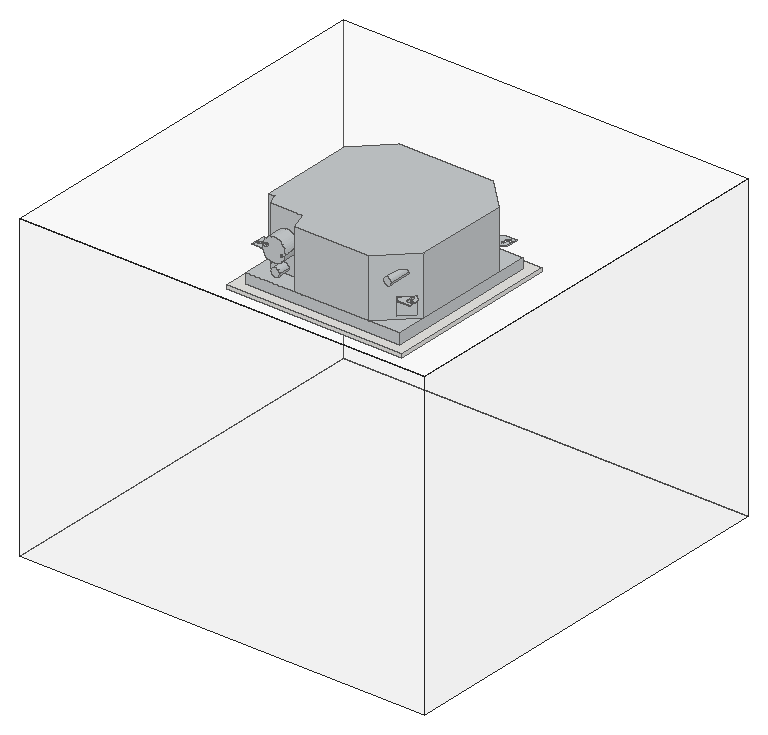
Revit family "pl-rp28_80ga8_60hz", category 機械設備, Revit 2023
Family settings
  丸型コネクタ寸法 = 直径を使用
  パーツ タイプ = 標準
  OmniClass 番号 = 23.75.10.24.21.27.27
  OmniClass タイトル = Split System Air Conditioning Units
  作業面ベース = いいえ
  常に垂直 = はい
  ロード時にボイドで切り取り = いいえ
  注釈の向きを維持 = いいえ
  共有 = いいえ
  部屋計算ポイント = はい
Parameters (values of type "PL-RP28GA8")
  風量_静 (㎥/min) = 6.3
  風量_強 (㎥/min) = 8.7
  風量_弱 (㎥/min) = 7.1
  風量_中 (㎥/min) = 7.8
  風量 = MAX風量  # 522.0 m³/h
  音響パワーレベル(dB) = [音響パワーレベル_強 (dB)]  # 50
  音響パワーレベル_静 (dB) = 47
  音響パワーレベル_強 (dB) = 50
  音響パワーレベル_弱 (dB) = 48
  音響パワーレベル_中 (dB) = 49
  電源種別 = ""
  電源_H = 0 mm
  電圧 = 0 V
  電動機出力_送風機 = 0.05 kW
  運転質量 = 0.00 kg
  連動 = ""
  質量 = if(製品質量 > 運転質量, 製品質量, 運転質量) * 1.2  # 24.72 kg
  負荷分類 = 3_ファン類
  製品質量_本体 = 17.00 kg
  製品質量_パネル = 3.60 kg
  構成品番 = ""
  既定の高さ = 0 mm
  ドレン管径 (外径) = 32 mm
  ドレン管径 = 25 mm
  サービススペース = yes
  【値が 0 の項目は組合せ形名にてご確認ください】 = ""
  URL = "https://www.mitsubishielectric.co.jp/ldg/wink/qr/002/364719"
  説明 = "店舗・事務所用パッケージエアコン(Mr.SLIM) [本体]4方向天井カセット形<コンパクトタイプ>"
  設計暖房能力 = 0.00 kW
  設計冷房能力_顕熱 = 0 kW
  設計冷房能力 = 0 kW
  設置方法 = "カセット形"
  記号 = ""
  製造元 = "三菱電機株式会社"
  製品質量 = 製品質量_本体 + 製品質量_パネル  # 20.60 kg
  製品出荷対象 = "国内"
  製品リリース年月 = "2026/5/11"
  製品グループ = ""
  系統 = ""
  符号 = "PAC-CK4"
  積算_科目 = "1 空気調和設備"
  積算_拾い区分 [instance] = ""
  盤記号 = ""
  発停方法 = "別売リモコン"
  特殊仕様 = ""
  火災停止 = ""
  消費電力_暖房 = 0.03 kW
  消費電力_冷房 = 0.03 kW
  消費電力 = if(消費電力_冷房 > 消費電力_暖房, 消費電力_冷房, 消費電力_暖房)  # 0.03 kW
  法定耐用年数 = "6"
  極数 = 3
  材質 = ""
  本体マテリアル = none
  有効加湿量 = 0
  暖房能力 = 2.80 kW
  形式_加湿器 = ""
  形式 = "カセット形（4方向吹出形）"
  幹線記号 = ""
  始動方式 = "インバータ"
  呼称 = "パッケージ形空気調和機_室内機"
  周波数 = 60 Hz
  吊り位置Y = 507 mm
  吊り位置X = 640 mm
  吊りボルト_H = 134 mm
  台数_手元リモコン = ""
  台数_冷媒分岐ユニット = ""
  参照している仕様書等のバージョン = "公共建築工事標準仕様書（機械設備工事編）平成31年度版"
  加湿給水管径 = 0 mm
  分類コード = "50053003123030"
  分類グループ = "設備"
  冷房能力 = 2.5 kW
  冷媒高低圧ガス管径 = 0 mm
  冷媒管径符号 = "Ac"
  冷媒管径 = 100 mm
  冷媒液管高さ = 159 mm
  冷媒液管長さ = 71 mm
  冷媒液管径 = 6.35 mm
  冷媒ガス管高さ = 183 mm
  冷媒ガス管長さ = 76 mm
  冷媒ガス管径 = 12.7 mm
  企業コード = "108420"
  付属品_フィルター = ""
  付属品 = ""
  モデル = "PL-RP28GA8"
  パネルマテリアル = none
  ドレン管高さ = 227 mm
  コメント [instance] = ""
  Width = 670 mm
  Version = ""
  Uniclass2015Version = "Systems v1.9"
  Uniclass2015Title = "Split coil remote air cooled condensing units"
  Uniclass2015Code = "Pr_70_65_03_84"
  SpecificationReference = ""
  SpecificationDescription = ""
  Revision = ""
  ProductInformation = ""
  Panel Width = 760 mm
  Panel Height = 15 mm
  Panel Depth = 760 mm
  OmniClassCode = "23-33 17 13 11"
  MIN風量 = [風量_静 (㎥/min)] * 60.0 m³/h  # 378.0 m³/h
  MID風量2 = [風量_弱 (㎥/min)] * 60.0 m³/h  # 426.0 m³/h
  MID風量 = [風量_中 (㎥/min)] * 60.0 m³/h  # 468.0 m³/h
  MAX風量 = [風量_強 (㎥/min)] * 60.0 m³/h  # 522.0 m³/h
  IfcTypeProduct = ""
  IfcProduct = ""
  IfcExportType = "AIRCONDITIONINGUNIT"
  IfcExportAs = "IfcUnitaryEquipmentType"
  Height = 298 mm
  Depth = 670 mm
  価格 = 0
  Clearance Top = 305 mm
  Clearance Right = 500 mm
  Clearance Left = 500 mm
  Clearance Front = 500 mm
  Clearance Bottom = 1000 mm
  Clearance Back = 500 mm
  BLCJ仕様バージョン = "2.0"
  Author = "三菱電機株式会社"
Types (8, lengths in mm): name | 風量_静 (㎥/min) | 風量_強 (㎥/min) | 風量_弱 (㎥/min) | 風量_中 (㎥/min) | 風量 | 音響パワーレベル(dB) | 音響パワーレベル_静 (dB) | 音響パワーレベル_強 (dB) | 音響パワーレベル_弱 (dB) | 音響パワーレベル_中 (dB) | URL | 消費電力_暖房 | 消費電力_冷房 | 消費電力 | 暖房能力 | 冷房能力 | 冷媒管径符号 | 冷媒液管長さ | 冷媒液管径 | 冷媒ガス管長さ | 冷媒ガス管径 | モデル | MIN風量 | MID風量2 | MID風量 | MAX風量
  PL-RP28GA8 | 6.3 | 8.7 | 7.1 | 7.8 | 522.0 m³/h | 50 | 47 | 50 | 48 | 49 | "https://www.mitsubishielectric.co.jp/ldg/wink/qr/002/364719" | 0.03 kW | 0.03 kW | 0.03 kW | 2.80 kW | 2.5 kW | "Ac" | 71 | 6.35 | 76 | 12.7 | "PL-RP28GA8" | 378.0 m³/h | 426.0 m³/h | 468.0 m³/h | 522.0 m³/h
  PL-RP40GA8 | 8.5 | 12 | 9 | 9.5 | 720.0 m³/h | 53 | 48 | 53 | 49 | 51 | "https://www.mitsubishielectric.co.jp/ldg/wink/qr/002/364720" | 0.03 kW | 0.03 kW | 0.03 kW | 4.00 kW | 3.6 kW | "Ac" | 71 | 6.35 | 76 | 12.7 | "PL-RP40GA8" | 510.0 m³/h | 540.0 m³/h | 570.0 m³/h | 720.0 m³/h
  PL-RP45GA8 | 8.5 | 12 | 9 | 9.5 | 720.0 m³/h | 53 | 48 | 53 | 49 | 51 | "https://www.mitsubishielectric.co.jp/ldg/wink/qr/002/364721" | 0.03 kW | 0.03 kW | 0.03 kW | 4.50 kW | 4 kW | "Ac" | 71 | 6.35 | 76 | 12.7 | "PL-RP45GA8" | 510.0 m³/h | 540.0 m³/h | 570.0 m³/h | 720.0 m³/h
  PL-RP50GA8 | 9.5 | 12.5 | 10 | 12 | 750.0 m³/h | 54 | 49 | 54 | 50 | 53 | "https://www.mitsubishielectric.co.jp/ldg/wink/qr/002/364722" | 0.03 kW | 0.03 kW | 0.03 kW | 5.00 kW | 4.5 kW | "Ac" | 71 | 6.35 | 76 | 12.7 | "PL-RP50GA8" | 570.0 m³/h | 600.0 m³/h | 720.0 m³/h | 750.0 m³/h
  PL-RP56GA8 | 9.5 | 14 | 10 | 12.5 | 840.0 m³/h | 56 | 49 | 56 | 50 | 54 | "https://www.mitsubishielectric.co.jp/ldg/wink/qr/002/364723" | 0.03 kW | 0.03 kW | 0.03 kW | 5.60 kW | 5 kW | "Ac" | 71 | 6.35 | 76 | 12.7 | "PL-RP56GA8" | 570.0 m³/h | 600.0 m³/h | 750.0 m³/h | 840.0 m³/h
  PL-RP63GA8 | 10 | 14.5 | 11.5 | 13 | 870.0 m³/h | 57 | 50 | 57 | 53 | 55 | "https://www.mitsubishielectric.co.jp/ldg/wink/qr/002/364724" | 0.04 kW | 0.04 kW | 0.04 kW | 6.30 kW | 5.6 kW | "Ac" | 71 | 6.35 | 76 | 12.7 | "PL-RP63GA8" | 600.0 m³/h | 690.0 m³/h | 780.0 m³/h | 870.0 m³/h
  PL-RP71GA8 | 11 | 15 | 12 | 13.5 | 900.0 m³/h | 58 | 53 | 58 | 54 | 56 | "https://www.mitsubishielectric.co.jp/ldg/wink/qr/002/364725" | 0.04 kW | 0.04 kW | 0.04 kW | 7.10 kW | 6.3 kW | "Bd" | 75 | 9.52 | 80 | 15.88 | "PL-RP71GA8" | 660.0 m³/h | 720.0 m³/h | 810.0 m³/h | 900.0 m³/h
  PL-RP80GA8 | 11 | 15 | 12 | 13.5 | 900.0 m³/h | 58 | 53 | 58 | 54 | 56 | "https://www.mitsubishielectric.co.jp/ldg/wink/qr/002/364726" | 0.04 kW | 0.04 kW | 0.04 kW | 8.00 kW | 7.1 kW | "Bd" | 75 | 9.52 | 80 | 15.88 | "PL-RP80GA8" | 660.0 m³/h | 720.0 m³/h | 810.0 m³/h | 900.0 m³/h
Reference planes
  plane 1 "中心(正面/背面)": y = 0
  plane 2: z = 0
  plane 3 "中心(左/右)": x = 0
  plane 4: x = -380
  plane 5: x = 380
  plane 6: y = 380
  plane 7: y = -380
  plane 8: z = 298
  plane 9: z = 305
  plane 10: x = -320
  plane 11: x = 320
  plane 12: y = 253.5
  plane 13: y = -253.5
  plane 14: z = 46
  plane 15: y = 335
  plane 16: y = -335
  plane 17: x = -335
  plane 18: x = 335
  plane 19: x = -880
  plane 20: x = 880
  plane 21: y = 880
  plane 22: y = -880
  plane 23: z = 298
  plane 24: z = -15
  plane 25: z = -1015
  plane 26: z = 305
  plane 27 "冷媒管基準面": y = -255
  plane 28: x = -186
  plane 29: z = 159
  plane 30: y = -331
  plane 31: y = -326
Forms (mm)
  Extrusion 1, solid, detail levels fine
    sketch origin (0, -255, 15) x (1, 0, 0) y (0, 0, 1)
      loop
        circle (-186, 144) r 3.175
    from 0 to 71
  Extrusion 2, solid, detail levels fine
    sketch origin (-67, -255, 39) x (1, 0, 0) y (0, 0, 1)
      loop
        circle (-186, 144) r 6.35
    from 0 to 76
Dimensions and locks
  equal spacing: plane 4, plane 3 "中心(左/右)", plane 5
  plane 4 to plane 5 = 760 mm
  equal spacing: plane 7, plane 1 "中心(正面/背面)", plane 6
  plane 7 to plane 6 = 760 mm
  locked: plane 12 to plane 6 at 126.5
  plane 7 to plane 13 = 126.5 mm
  plane 4 to plane 10 = 60 mm
  locked: plane 11 to plane 5 at 60
  "吊り位置X": plane 10 to plane 11
  equal spacing: plane 10, plane 3 "中心(左/右)", plane 11
  equal spacing: plane 13, plane 1 "中心(正面/背面)", plane 12
  "吊り位置Y": plane 13 to plane 12
  equal spacing: plane 16, plane 1 "中心(正面/背面)", plane 15
  "Depth": plane 16 to plane 15
  equal spacing: plane 17, plane 3 "中心(左/右)", plane 18
  "Width": plane 17 to plane 18
  locked: plane 14 to level at 46
  "Clearance Left": plane 19 to plane 4
  "Clearance Right": plane 5 to plane 20
  "Clearance Back": plane 6 to plane 21
  locked: level to plane 24 at 15
  "Clearance Bottom": plane 24 to plane 25
  "Clearance Front": plane 22 to plane 7
  "Clearance Top": plane 26 to plane 2
  "Height": level to nested 3
  plane 29 to plane 2 = 159 mm
  nested 3 to level = 134 mm
  "冷媒液管長さ": plane 31 to plane 27 "冷媒管基準面"
  "冷媒ガス管長さ": plane 30 to plane 27 "冷媒管基準面"
  aligned and locked: level to plane 2
  aligned and locked: plane 10 to nested 2
  aligned and locked: plane 11 to nested 2
  aligned and locked: nested 2 to plane 12
  aligned and locked: plane 13 to nested 2
  aligned and locked: plane 19 to nested 1
  aligned and locked: plane 20 to nested 1
  aligned and locked: plane 22 to nested 1
  aligned and locked: plane 21 to nested 1
  aligned and locked: plane 25 to nested 1
  aligned and locked: plane 5 to nested 3
  aligned and locked: plane 15 to nested 3
  aligned and locked: plane 6 to nested 3
  aligned and locked: plane 7 to nested 3
  aligned and locked: plane 26 to nested 1
  aligned and locked: plane 31 to Extrusion 1
  aligned and locked: plane 30 to Extrusion 2
Automatic sketch dimensions
  Extrusion 1 sketch curve to plane 28 = 0 mm
  Extrusion 1 sketch curve to plane 29 = 0 mm
  plane 29 to Extrusion 2 sketch curve = 24 mm
  plane 10 to Extrusion 2 sketch curve = 67 mm
  radius of Extrusion 1 sketch curve = 3.175 mm
  radius of Extrusion 2 sketch curve = 6.35 mm
Nested families
  nested 1: "サービススペース" at (0, 0, -355), visible <- "サービススペース", type "サービススペース", detail levels fine
    with Width 1760 mm, Height 1320 mm, Depth 1760 mm
  nested 2: "固定点" at (-320, -253.5, 0), type "固定点"
    with W 640 mm, D 507 mm
  nested 3: "PL-RP_GA" at (0, 0, 0), type "PL-RP_GA"
    with ユニット表示 yes, 液配管サイズ 6.35 mm
Connectors
  piping at (-219.5, -326, 171), diameter 100, driven by "冷媒管径", driven by "冷媒管径符号"
    settings: on nested 3, index 1, connector inside diameter 609.6 mm, connector length 0 mm, flow factor 0, pipe flow 0.0 L/s, pressure drop 0.0 Pa, fitting loss kfactor 0, connector angle 0.00°, fixture units 0, engagement length 0 mm, angle of deflection 0.00°, flow configuration 1, flow direction 1, fitting loss method 4, system type 7, joint type 0, gender type 0, connector reference index -1, connector utility 0, adjustable connector no, is connector primary yes, connector description "Ac"
  piping at (281, -332, 227), diameter 25, driven by "ドレン管径"
    settings: on nested 3, index 2, connector inside diameter 609.6 mm, connector length 0 mm, flow factor 0, pipe flow 0.0 L/s, pressure drop 0.0 Pa, fitting loss kfactor 0, connector angle 0.00°, fixture units 0, engagement length 0 mm, angle of deflection 0.00°, flow configuration 1, flow direction 2, fitting loss method 4, system type 16, joint type 0, gender type 0, connector reference index -1, connector utility 0, adjustable connector no, is connector primary no, connector description ""
  electrical at (-230, -305, 70), driven by "極数", driven by "負荷分類", driven by "電圧", driven by "消費電力"
    settings: on nested 3, index 3, voltage 0 V, apparent load 30 VA, apparent load phase1 0 VA, apparent load phase2 0 VA, apparent load phase3 0 VA, power factor 1, load classification "3_ファン類", number of poles 3, system type 30, power factor state 1, is connector primary yes, connector utility no, sub classification motor no, connector description ""
Definition of nested family "サービススペース"
  Parameters (values of type "サービススペース")
    Default Elevation = 0 mm
    Width [instance] = 500 mm
    Height [instance] = 500 mm
    Depth [instance] = 500 mm
  Reference planes
    plane 1 "中心(正面/背面)": y = 0
    plane 2: z = 0
    plane 3 "中心(左/右)": x = 0
    plane 4: y = -250
    plane 5: x = 250
    plane 6: y = 250
    plane 7: x = -250
    plane 8: z = 250
    plane 9: z = -250
  Forms (mm)
    Extrusion 1, solid
      sketch origin (-638.939, 0, 72.39) x (1, 0, 0) y (0, 1, 0)
        loop
          line (388.939, 250) -> (388.939, -250) -> (888.939, -250) -> (888.939, 250) -> (388.939, 250)
      from -322.39 to 177.61
  Lines and regions (mm)
    symbolic lines
      curve 1: line (-250, 0, 250) -> (250, 0, 250)
      curve 2: line (-250, 0, -250) -> (-250, 0, 250)
      curve 3: line (250, 0, -250) -> (-250, 0, -250)
      curve 4: line (250, 0, 250) -> (250, 0, -250)
      curve 5: line (0, -250, 250) -> (0, 250, 250)
      curve 6: line (0, -250, -250) -> (0, -250, 250)
      curve 7: line (0, 250, -250) -> (0, -250, -250)
      curve 8: line (0, 250, 250) -> (0, 250, -250)
      curve 9: line (-250, 250, 0) -> (250, 250, 0)
      curve 10: line (-250, -250, 0) -> (-250, 250, 0)
      curve 11: line (250, -250, 0) -> (-250, -250, 0)
      curve 12: line (250, 250, 0) -> (250, -250, 0)
  Dimensions and locks
    equal spacing: plane 7, plane 3 "中心(左/右)", plane 5
    equal spacing: plane 4, plane 1 "中心(正面/背面)", plane 6
    "Depth": plane 4 to plane 6
    "Width": plane 7 to plane 5
    equal spacing: plane 8, plane 2, plane 9
    "Height": plane 8 to plane 9
    aligned and locked: plane 9 to curve 3
    aligned and locked: plane 7 to curve 2
    aligned and locked: curve 4 to plane 5
    aligned and locked: plane 5 to Extrusion 1
    aligned and locked: Extrusion 1 to plane 7
    aligned and locked: Extrusion 1 to plane 9
    aligned and locked: plane 8 to Extrusion 1
    aligned and locked: plane 9 to curve 7
  Automatic sketch dimensions
    plane 4 to Extrusion 1 sketch curve = 0 mm
    Extrusion 1 sketch curve to plane 7 = 0 mm
    Extrusion 1 sketch curve to plane 5 = 0 mm
    plane 6 to Extrusion 1 sketch curve = 0 mm
    curve 2 to plane 8 = 0 mm
    plane 4 to curve 11 = 0 mm
    curve 11 to plane 7 = 0 mm
    curve 11 to plane 5 = 0 mm
    plane 6 to curve 10 = 0 mm
    curve 7 to plane 4 = 0 mm
    curve 7 to plane 6 = 0 mm
    curve 6 to plane 8 = 0 mm
Definition of nested family "PL-RP_GA"
  Parameters (values of type "PL-RP_GA")
    配線取出口サイズ = 36 mm
    配線取出口-Z = 70 mm
    配線取出口-Y = 50 mm
    配線取出口-X = 230 mm
    液配管サイズ = 6.4 mm
    Default Elevation = 0 mm
    A = 幅さ + 90 mm  # 760 mm
    高さ = 298 mm
    奥行き = 670 mm
    吊りボルト_H = 134 mm
    冷媒配管 = 100 mm
    冷媒液管径-Z = 159 mm
    冷媒液管径-Y = 71 mm
    冷媒液管径-X = 186 mm
    冷媒ガス管径-Z = 183 mm
    冷媒ガス管径-Y = 76 mm
    冷媒ガス管径-X = 253 mm
    ユニット表示 [instance] = yes
    ボルトピッチ = 507 mm
    ドレン配管サイズ = 32 mm
    ドレン管径-Z = 227 mm
    ドレン管径-Y = 77 mm
    ドレン管径-X = 281 mm
    ガス配管サイズ = 12.7 mm
    D = 幅さ - 30 mm  # 640 mm
    幅さ = 670 mm
    B = 幅さ + 40 mm  # 710 mm
  Reference planes
    plane 1 "中心(正面/背面)": y = 0
    plane 2: z = 0
    plane 3 "中心(左/右)": x = 0
    plane 4: x = -355
    plane 5: x = 355
    plane 6: x = -335
    plane 7: x = 335
    plane 8: x = -320
    plane 9: x = 320
    plane 10: y = 253.5
    plane 11: y = -253.5
    plane 12: y = 335
    plane 13: y = -335
    plane 14: x = -380
    plane 15: x = 380
    plane 16: z = -15
    plane 17: z = 46
    plane 18: z = 298
    plane 19: z = 134
    plane 20: z = 136
    plane 21: z = 227
    plane 22: z = 159
    plane 23: z = 183
    plane 24: z = 60
    plane 25: y = 380
    plane 26: y = -380
    plane 27: x = -253
    plane 28: x = -150
    plane 29: x = -123
    plane 30: x = -186
    plane 31: x = 281
    plane 32: x = 202
    plane 33: y = -255
    plane 34: y = -207
    plane 35: y = -331
    plane 36: y = -326
    plane 37 "ドレン管接続口": y = -332
    plane 38: y = -202
    plane 39: y = 291.5
    plane 40: y = 275.5
    plane 41: y = 263.5
    plane 42: x = -326
    plane 43: x = -314
    plane 44: x = -343
    plane 45: x = 314
    plane 46: x = 326
    plane 47: x = 343
    plane 48: y = -291.5
    plane 49: y = -275.5
    plane 50: y = -263.5
    plane 51: x = -230
    plane 52: y = 202
    plane 53: x = -202
    plane 54: z = 70
    plane 55: y = -305
  Forms (mm)
    Extrusion 1, solid, visible <- "ユニット表示"
      sketch origin (0, 0, 0) x (1, 0, 0) y (0, 1, 0)
        loop
          line (-380, 380) -> (-380, -380) -> (380, -380) -> (380, 380) -> (-380, 380)
      from -15 to 0
    Extrusion 2, solid, visible <- "ユニット表示", detail levels fine
      sketch origin (0, 0, 0) x (1, 0, 0) y (0, 1, 0)
        loop
          line (-203.39, 335) -> (-335, 203.39) -> (-335, -207) -> (-309.258, -207) -> (-288.883, -255) -> (-150, -255) -> (-123.033, -335) -> (202, -335) -> (335, -202) -> (335, 203.39) -> (203.39, 335) -> (-203.39, 335)
      from 46 to 298
    Extrusion 3, solid, visible <- "ユニット表示", detail levels fine
      sketch origin (0, 0, 0) x (1, 0, 0) y (0, 1, 0)
        loop
          line (335, 335) -> (-335, 335) -> (-335, -335) -> (335, -335) -> (335, 335)
      from 0 to 46
    Extrusion 4, solid, visible <- "ユニット表示", detail levels fine
      sketch origin (0, 0, 0) x (1, 0, 0) y (0, 0, 1)
        loop
          circle (-219.5, 171) r 50
      from 255 to 326
    Extrusion 5, solid, visible <- "ユニット表示", detail levels fine
      sketch origin (0, 0, 0) x (1, 0, 0) y (0, 1, 0)
        loop
          line (-343, -291.5) -> (-300.314, -291.5) -> (-290.686, -250.751) -> (-306.998, -212.324) -> (-343, -227.606) -> (-343, -263.5) -> (-329, -263.5)
          arc (-329, -263.5) -> (-326.879, -262.621) -> (-326, -260.5) r 3
          line (-326, -260.5) -> (-326, -249.5)
          arc (-326, -249.5) -> (-320, -243.5) -> (-314, -249.5) r 6
          line (-314, -249.5) -> (-314, -269.478)
          arc (-314, -269.478) -> (-315.757, -273.721) -> (-320, -275.5) r 6
          line (-320, -275.5) -> (-343, -275.5) -> (-343, -291.5)
        loop
          line (-343, 275.5) -> (-320, 275.5)
          arc (-320, 275.5) -> (-315.757, 273.743) -> (-314, 269.5) r 6
          line (-314, 269.5) -> (-314, 249.5)
          arc (-314, 249.5) -> (-320, 243.5) -> (-326, 249.5) r 6
          line (-326, 249.5) -> (-326, 260.5)
          arc (-326, 260.5) -> (-326.879, 262.621) -> (-329, 263.5) r 3
          line (-329, 263.5) -> (-343, 263.5) -> (-343, 244.959) -> (-318.215, 220.175) -> (-270.214, 268.176) -> (-293.539, 291.5) -> (-343, 291.5) -> (-343, 275.5)
        loop
          line (343, 291.5) -> (293.539, 291.5) -> (270.214, 268.176) -> (318.215, 220.175) -> (343, 244.959) -> (343, 263.5) -> (329, 263.5)
          arc (329, 263.5) -> (326.879, 262.621) -> (326, 260.5) r 3
          line (326, 260.5) -> (326, 249.5)
          arc (326, 249.5) -> (320, 243.5) -> (314, 249.5) r 6
          line (314, 249.5) -> (314, 269.5)
          arc (314, 269.5) -> (315.757, 273.743) -> (320, 275.5) r 6
          line (320, 275.5) -> (343, 275.5) -> (343, 291.5)
        loop
          line (293.539, -291.5) -> (343, -291.5) -> (343, -275.5) -> (320, -275.5)
          arc (320, -275.5) -> (315.757, -273.743) -> (314, -269.5) r 6
          line (314, -269.5) -> (314, -249.5)
          arc (314, -249.5) -> (320, -243.5) -> (326, -249.5) r 6
          line (326, -249.5) -> (326, -260.5)
          arc (326, -260.5) -> (326.879, -262.621) -> (329, -263.5) r 3
          line (329, -263.5) -> (343, -263.5) -> (343, -244.959) -> (317.52, -219.48) -> (269.519, -267.481) -> (293.539, -291.5)
      from 134 to 136
    Extrusion 6, solid, visible <- "ユニット表示", detail levels fine
      sketch origin (0, 0, 0) x (1, 0, 0) y (0, 1, 0)
        loop
          line (-306.998, -212.324) -> (-308.839, -213.105) -> (-291.463, -254.04) -> (-289.622, -253.258) -> (-306.998, -212.324)
        loop
          line (-271.629, 269.59) -> (-319.63, 221.589) -> (-318.245, 220.204) -> (-270.244, 268.205) -> (-271.629, 269.59)
        loop
          line (271.629, 269.59) -> (270.244, 268.205) -> (318.245, 220.204) -> (319.63, 221.589) -> (271.629, 269.59)
        loop
          line (270.934, -268.895) -> (318.935, -220.894) -> (317.52, -219.48) -> (269.519, -267.481) -> (270.934, -268.895)
      from 60 to 136
    Extrusion 7, solid, visible <- "ユニット表示", detail levels fine
      sketch origin (0, 0, 0) x (1, 0, 0) y (0, 0, 1)
        loop
          circle (-230, 70) r 18
      from 255 to 305
    Extrusion 8, solid, detail levels fine
      sketch origin (0, -332, 0) x (-1, 0, 0) y (0, 0, 1)
        loop
          circle (-281, 227) r 16
      from 0 to 100
  Cuts and joins
    joined: Extrusion 5, Extrusion 6
  Dimensions and locks
    equal spacing: plane 4, plane 3 "中心(左/右)", plane 5
    "B": plane 4 to plane 5
    equal spacing: plane 6, plane 3 "中心(左/右)", plane 7
    "幅さ": plane 6 to plane 7
    equal spacing: plane 8, plane 3 "中心(左/右)", plane 9
    "D": plane 8 to plane 9
    equal spacing: plane 11, plane 1 "中心(正面/背面)", plane 10
    "ボルトピッチ": plane 10 to plane 11
    equal spacing: plane 12, plane 1 "中心(正面/背面)", plane 13
    "奥行き": plane 12 to plane 13
    "A": plane 14 to plane 15
    equal spacing: plane 14, plane 3 "中心(左/右)", plane 15
    locked: plane 2 to plane 16 at 15
    locked: plane 17 to plane 2 at 46
    "吊りボルト_H": plane 19 to level
    locked: plane 20 to plane 19 at 2
    "ドレン管径-Z": plane 21 to level
    "冷媒液管径-Z": plane 22 to level
    "冷媒ガス管径-Z": plane 23 to level
    plane 24 to level = 60 mm
    equal spacing: plane 25, plane 1 "中心(正面/背面)", plane 26
    "A": plane 25 to plane 26
    locked: plane 6 to plane 28 at 185
    locked: plane 6 to plane 29 at 212
    locked: plane 32 to plane 7 at 133
    "冷媒ガス管径-X": plane 27 to plane 3 "中心(左/右)"
    "冷媒液管径-X": plane 30 to plane 3 "中心(左/右)"
    "ドレン管径-X": plane 3 "中心(左/右)" to plane 31
    locked: plane 33 to plane 13 at 80
    locked: plane 34 to plane 13 at 128
    "冷媒ガス管径-Y": plane 33 to plane 35
    "冷媒液管径-Y": plane 33 to plane 36
    "ドレン管径-Y": plane 33 to plane 37 "ドレン管接続口"
    locked: plane 38 to plane 13 at 133
    equal spacing: plane 30, Extrusion 4 sketch curve, plane 27
    equal spacing: plane 23, Extrusion 4 sketch curve, plane 22
    locked: plane 44 to plane 8 at 23
    plane 42 to plane 8 to plane 43 = 6 mm locked, 6 mm locked
    locked: plane 9 to plane 47 at 23
    plane 45 to plane 9 to plane 46 = 6 mm locked, 6 mm locked
    plane 11 to plane 50 to plane 49 to plane 48 = 10 mm locked, 12 mm locked, 16 mm locked
    plane 39 to plane 40 to plane 41 to plane 10 = 16 mm locked, 12 mm locked, 10 mm locked
    locked: Extrusion 5 sketch curve to plane 11 at 4  (x2)
    locked: plane 10 to Extrusion 5 sketch curve at 4  (x2)
    "配線取出口-X": plane 51 to plane 3 "中心(左/右)"
    "配線取出口-Z": plane 54 to level
    "配線取出口-Y": plane 33 to plane 55
    locked: cut or joined group of Extrusion 5, Extrusion 6 to Extrusion 6 sketch curve at 2
    locked: Extrusion 6 sketch curve to Extrusion 2 at 2  (x3)
    "高さ": plane 18 to level
    "冷媒配管": diameter of Extrusion 4 sketch curve
    radius of Extrusion 5 sketch curve = 6 mm  (x8)
    radius of Extrusion 5 sketch curve = 3 mm  (x4)
    "配線取出口サイズ": diameter of Extrusion 7 sketch curve
    aligned and locked: level to plane 2
    aligned and locked: Extrusion 1 sketch curve to plane 25
    aligned and locked: plane 14 to Extrusion 1 sketch curve
    aligned and locked: plane 26 to Extrusion 1 sketch curve
    aligned and locked: Extrusion 1 sketch curve to plane 15
    aligned and locked: level to Extrusion 1
    aligned and locked: Extrusion 1 to plane 16
    aligned and locked: plane 18 to Extrusion 2
    aligned and locked: Extrusion 2 to plane 17
    aligned and locked: Extrusion 3 sketch curve to plane 7
    aligned and locked: Extrusion 3 sketch curve to plane 13
    aligned and locked: Extrusion 3 sketch curve to plane 6
    aligned and locked: Extrusion 3 sketch curve to plane 12
    aligned and locked: Extrusion 3 to level
    aligned and locked: plane 17 to Extrusion 3
    aligned and locked: plane 28 to Extrusion 2 sketch curve
    aligned and locked: plane 34 to Extrusion 2 sketch curve
    aligned and locked: Extrusion 2 sketch curve to plane 13
    aligned and locked: Extrusion 2 sketch curve to plane 7
    aligned and locked: Extrusion 2 sketch curve to plane 12
    aligned and locked: Extrusion 2 sketch curve to plane 6
    aligned and locked: plane 7 to Extrusion 2 sketch curve
    aligned and locked: plane 38 to Extrusion 2 sketch curve
    aligned and locked: plane 32 to Extrusion 2 sketch curve
    aligned and locked: plane 13 to Extrusion 2 sketch curve
    aligned and locked: plane 44 to Extrusion 5 sketch curve  (x2)
    aligned and locked: Extrusion 5 sketch curve to plane 50
    aligned and locked: plane 49 to Extrusion 5 sketch curve
    aligned and locked: Extrusion 5 sketch curve to plane 48
    aligned and locked: plane 43 to Extrusion 5 sketch curve
    aligned and locked: plane 42 to Extrusion 5 sketch curve  (x2)
    aligned and locked: Extrusion 6 to plane 24
    aligned and locked: plane 20 to Extrusion 6
    aligned and locked: plane 39 to Extrusion 5 sketch curve  (x2)
    aligned and locked: Extrusion 5 sketch curve to plane 44  (x2)
    aligned and locked: plane 41 to Extrusion 5 sketch curve  (x2)
    aligned and locked: Extrusion 5 sketch curve to plane 40  (x2)
    aligned and locked: Extrusion 5 sketch curve to plane 43
    aligned and locked: Extrusion 5 sketch curve to Extrusion 2  (x3)
    aligned and locked: plane 47 to Extrusion 5 sketch curve  (x4)
    aligned and locked: plane 45 to Extrusion 5 sketch curve  (x2)
    aligned and locked: Extrusion 5 sketch curve to plane 46  (x2)
    aligned and locked: plane 50 to Extrusion 5 sketch curve
    aligned and locked: plane 48 to Extrusion 5 sketch curve
    aligned and locked: Extrusion 5 sketch curve to plane 49
    aligned and locked: plane 51 to Extrusion 7 sketch curve
    aligned and locked: plane 54 to Extrusion 7 sketch curve
    aligned and locked: Extrusion 7 to Extrusion 2
    aligned and locked: plane 55 to Extrusion 7
    aligned and locked: cut or joined group of Extrusion 5, Extrusion 6 to cut or joined group of Extrusion 5, Extrusion 6  (x2)
    aligned and locked: Extrusion 6 sketch curve to cut or joined group of Extrusion 5, Extrusion 6  (x3)
    aligned and locked: cut or joined group of Extrusion 5, Extrusion 6 to Extrusion 6 sketch curve  (x2)
    aligned and locked: Extrusion 2 to Extrusion 6 sketch curve
    aligned and locked: cut or joined group of Extrusion 5, Extrusion 6 to plane 19
    aligned and locked: plane 20 to cut or joined group of Extrusion 5, Extrusion 6
    aligned and locked: Extrusion 4 to plane 36
  Automatic sketch dimensions
    Extrusion 2 sketch curve to plane 33 = 0 mm
    plane 43 to Extrusion 2 sketch curve = 4.742 mm
    plane 43 to Extrusion 2 sketch curve = 25.117 mm
    Extrusion 2 sketch curve to plane 30 = 17.39 mm
    Extrusion 2 sketch curve to plane 29 = 0.033 mm
    plane 32 to Extrusion 2 sketch curve = 1.39 mm
    Extrusion 2 sketch curve to plane 10 = 50.11 mm  (x2)
    Extrusion 5 sketch curve to plane 8 = 0 mm
    Extrusion 5 sketch curve to plane 8 = 13.002 mm
    Extrusion 5 sketch curve to plane 43 = 13.686 mm
    plane 50 to Extrusion 5 sketch curve = 12.749 mm
    Extrusion 5 sketch curve to Extrusion 5 sketch curve = 9.627 mm
    Extrusion 5 sketch curve to plane 50 = 5.978 mm
    plane 34 to Extrusion 5 sketch curve = 20.606 mm
    plane 8 to Extrusion 6 sketch curve = 1.755 mm
    Extrusion 6 sketch curve to plane 11 = 0.54 mm
    Extrusion 6 sketch curve to Extrusion 6 sketch curve = 1.385 mm
    Extrusion 6 sketch curve to plane 49 = 6.605 mm
    Extrusion 6 sketch curve to plane 9 = 2.48 mm
    Extrusion 6 sketch curve to Extrusion 6 sketch curve = 1.414 mm
    Extrusion 5 sketch curve to plane 8 = 1.785 mm
    Extrusion 5 sketch curve to plane 41 = 4.676 mm  (x2)
    plane 9 to Extrusion 5 sketch curve = 1.785 mm
    Extrusion 5 sketch curve to plane 50 = 3.981 mm
    plane 9 to Extrusion 5 sketch curve = 2.48 mm
    Extrusion 8 sketch curve to plane 21 = 0 mm
    Extrusion 8 sketch curve to plane 31 = 0 mm
    radius of Extrusion 8 sketch curve = 16 mm
Definition of nested family "固定点"
  Parameters (values of type "固定点")
    Default Elevation = 0 mm
    中心円 = 20 mm
    W [instance] = 1000 mm
    D [instance] = 1000 mm
  Reference planes
    plane 1 "中心(正面/背面)": y = 0
    plane 2: z = 0
    plane 3 "中心(左/右)": x = 0
    plane 4: x = 1000
    plane 5: y = 1000
  Lines and regions (mm)
    symbolic lines, detail levels fine
      curve 1: circle (0, 1000, 0) r 10 normal (0, 0, 1)
      curve 2: circle (0, 0, 0) r 10 normal (0, 0, 1)
      curve 3: circle (1000, 1000, 0) r 10 normal (0, 0, 1)
      curve 4: circle (1000, 0, 0) r 10 normal (0, 0, 1)
      curve 5: line (-200, 1000, 0) -> (1200, 1000, 0)
      curve 6: line (-200, 0, 0) -> (1200, 0, 0)
      curve 7: line (0, 1200, 0) -> (0, -200, 0)
      curve 8: line (1000, 1200, 0) -> (1000, -200, 0)
  Dimensions and locks
    "W": plane 3 "中心(左/右)" to plane 4
    "D": plane 1 "中心(正面/背面)" to plane 5
    "中心円": diameter of curve 1
    "中心円": diameter of curve 2
    "中心円": diameter of curve 3
    "中心円": diameter of curve 4
    aligned and locked: level to plane 2
    aligned and locked: plane 5 to curve 1
    aligned and locked: plane 3 "中心(左/右)" to curve 1
    aligned and locked: plane 3 "中心(左/右)" to curve 2
    aligned and locked: plane 1 "中心(正面/背面)" to curve 2
    aligned and locked: plane 4 to curve 3
    aligned and locked: plane 5 to curve 3
    aligned and locked: plane 1 "中心(正面/背面)" to curve 4
    aligned and locked: plane 4 to curve 4
    aligned and locked: plane 1 "中心(正面/背面)" to curve 6
    aligned and locked: curve 7 to plane 3 "中心(左/右)"
    aligned and locked: curve 8 to plane 4
  Automatic sketch dimensions
    curve 5 to plane 5 = 0 mm
    curve 6 to plane 3 "中心(左/右)" = 200 mm
    curve 5 to plane 3 "中心(左/右)" = 200 mm
    curve 4 to curve 6 = 200 mm
    curve 3 to curve 5 = 200 mm
    plane 1 "中心(正面/背面)" to curve 8 = 200 mm
    plane 1 "中心(正面/背面)" to curve 7 = 200 mm
    curve 3 to curve 8 = 200 mm
    curve 1 to curve 7 = 200 mm
